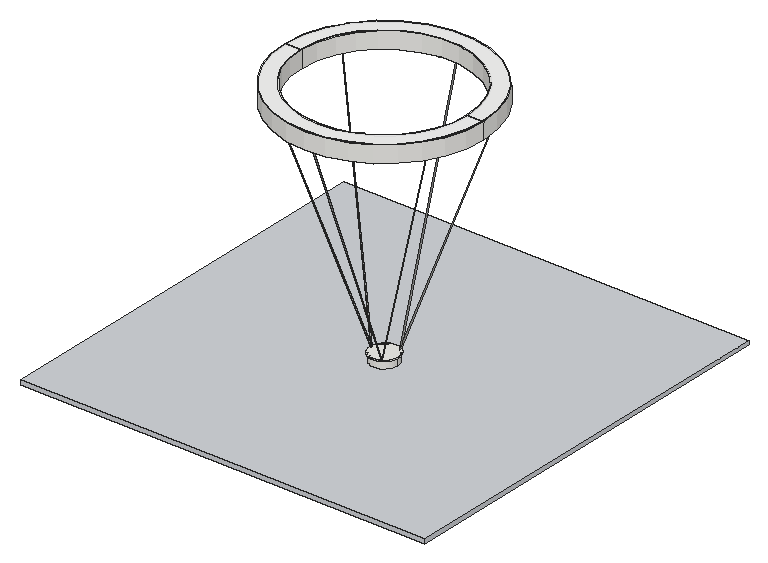
Revit family "STORA-LK_D1200", category Leuchten, Revit 2017
Family settings
  Basisbauteil = Fläche
  Bemaßung runder Anschluss = Durchmesser verwenden
  Teiletyp = Normal
  Beim Laden mit Abzugskörper schneiden = Nein
  Lichtquelle = Ja
  Gemeinsam genutzt = Nein
  Raumberechnungspunkt = Nein
Parameters (values of type "STORA-LK-LED D1200/840 OS-DA")
  Weight = "16.5 kg"
  Wattage = 41.739 W
  built-in parameter 1150110 = 1 (stored number, unit not read)
  Voltage = 230 V  # constant formula
  URL = ""
  built-in parameter 1114217 = 1 (stored number, unit not read)
  Tilt Angle = -90.00°
  built-in parameter 1150109 = 1 (stored number, unit not read)
  built-in parameter 1150134 = 12
  Suspension Height [instance] = 1500 mm
  Suspension = RIDI Metall silver 9006
  built-in parameter 1150113 = 1 (stored number, unit not read)
  Indirect = RIDI Metal White 9016
  Diameter = 1200 mm  # constant formula
  Datei für fotometrisches Netz = "STORA-LK-LED D1200_840 OS.IES"
  Number of Poles = 1
  Modell = "SPC0630053"
  Hersteller = "Spectral"  # constant formula
  built-in parameter 1150105 = 2227 (stored number, unit not read)
  Lumens = 6200 lm
  built-in parameter 1150115 = 1 (stored number, unit not read)
  built-in parameter 1150137 = (empty or 0)
  built-in parameter 1150139 = (empty or 0)
  built-in parameter 1150112 = 1 (stored number, unit not read)
  built-in parameter 1150114 = 1 (stored number, unit not read)
  Lampe = "1xLED-M"
  built-in parameter 1150132 = 2
  built-in parameter 1150102 = (empty or 0)
  built-in parameter 1150107 = 4000 (stored number, unit not read)
  built-in parameter 1150138 = (empty or 0)
  built-in parameter 1150106 = 22.27 (stored number, unit not read)
  IP Rating = "IP 20"  # constant formula
  IK Code = ""
  Height = 100 mm  # constant formula
  Energy Class = "A++ - A"  # constant formula
  Von Kreisdurchmesser aussenden = 1184 mm
  Emissionsform beim Rendern sichtbar = no
  built-in parameter 1150104 = 13.8 (stored number, unit not read)
  Farbtemperaturverschiebung bei Dämpfen der Lampe = <Keine Auswahl>
  Beschreibung = "Suspended lumnaire"  # constant formula
  Default Elevation = 0 mm
  Cover = RIDI Light Emitting Surface
  Copyright = "© RIDI. All rights reserved."  # constant formula
  Farbfilter = 16777215
  Certification = "CE"  # constant formula
  Body = RIDI Metal White 9016
  built-in parameter 1114218 = 1 (stored number, unit not read)
  built-in parameter 1150133 = 10 (stored number, unit not read)
  Apparent Load = 70 VA
Types (8, lengths in mm): name | Wattage | built-in parameter 1150134 | Indirect | Datei für fotometrisches Netz | Number of Poles | Modell | built-in parameter 1150105 | Lumens | built-in parameter 1150107 | built-in parameter 1150106 | Apparent Load
  STORA-LK-LED D1200/830 OS | 40.056 W | (empty or 0) | RIDI Metal White 9016 | "STORA-LK-LED D1200_840 OS.IES" | 1 | "SPC0620052" | 473.49 (stored number, unit not read) | 5950 lm | 3000 (stored number, unit not read) | 4.7349 (stored number, unit not read) | 70 VA
  STORA-LK-LED D1200/840 OS | 41.739 W | 12 | RIDI Metal White 9016 | "STORA-LK-LED D1200_840 OS.IES" | 1 | "SPC0620053" | 2227 (stored number, unit not read) | 6200 lm | 4000 (stored number, unit not read) | 22.27 (stored number, unit not read) | 70 VA
  STORA-LK-I-LED D1200/830 OS | 93.7109 W | (empty or 0) | RIDI Light Emitting Surface | "STORA-LK-I-LED D1200_840 OS.IES" | 2 | "SPC0620054" | 5000 (stored number, unit not read) | 13920 lm | 3000 (stored number, unit not read) | 50 (stored number, unit not read) | 127 VA
  STORA-LK-I-LED D1200/840 OS | 97.6155 W | 12 | RIDI Light Emitting Surface | "STORA-LK-I-LED D1200_840 OS.IES" | 2 | "SPC0620055" | 2948.2 (stored number, unit not read) | 14500 lm | 4000 (stored number, unit not read) | 29.482 (stored number, unit not read) | 127 VA
  STORA-LK-I-LED D1200/840 OS-DA | 97.6155 W | 12 | RIDI Light Emitting Surface | "STORA-LK-I-LED D1200_840 OS.IES" | 1 | "SPC0630055" | 2948.2 (stored number, unit not read) | 14500 lm | 4000 (stored number, unit not read) | 29.482 (stored number, unit not read) | 127 VA
  STORA-LK-I-LED D1200/830 OS-DA | 93.7109 W | (empty or 0) | RIDI Light Emitting Surface | "STORA-LK-I-LED D1200_840 OS.IES" | 1 | "SPC0630054" | 5000 (stored number, unit not read) | 13920 lm | 3000 (stored number, unit not read) | 50 (stored number, unit not read) | 127 VA
  STORA-LK-LED D1200/830 OS-DA | 40.056 W | (empty or 0) | RIDI Metal White 9016 | "STORA-LK-LED D1200_840 OS.IES" | 1 | "SPC0630052" | 473.49 (stored number, unit not read) | 5950 lm | 3000 (stored number, unit not read) | 4.7349 (stored number, unit not read) | 70 VA
  STORA-LK-LED D1200/840 OS-DA | 41.739 W | 12 | RIDI Metal White 9016 | "STORA-LK-LED D1200_840 OS.IES" | 1 | "SPC0630053" | 2227 (stored number, unit not read) | 6200 lm | 4000 (stored number, unit not read) | 22.27 (stored number, unit not read) | 70 VA
Reference planes
  plane 1 "Center (Front/Back)": y = 0
  plane 2 "Top": z = 0
  plane 3 "Center (Left/Right)": x = 0
  plane 4: z = 45
  plane 5 "Front": y = -950
  plane 6: z = -25
  plane 7 "Left": x = -600
  plane 8 "Right": x = 750
  plane 9 "Back": y = 750
  plane 10 "Bottom": z = 1500
  plane 11 "Top Body": z = 1400
  plane 12: z = 1495
  plane 13 "S1": y = 700
Forms (mm)
  Extrusion 1, solid
    sketch origin (0, 0, 0) x (1, 0, 0) y (0, 1, 0)
      loop
        line (-1219.2, 1219.2) -> (-1219.2, -1219.2) -> (1219.2, -1219.2) -> (1219.2, 1219.2) -> (-1219.2, 1219.2)
    from 0 to -25
  Extrusion 2, solid, material "RIDI Metal White 9016" <- "Body"
    sketch origin (0, 0, 0) x (1, 0, 0) y (0, 1, 0)
      loop
        circle (0, 0) r 80
    from 0 to 44
  Revolve 3, solid, material "RIDI Metal White 9016" <- "Body"
    sketch origin (0, 0, 0) x (1, 0, 0) y (0, 0, 1)
      loop
        line (-600, 1500) -> (-600, 1400) -> (-595, 1400) -> (-595, 1403) -> (-505, 1403) -> (-505, 1400) -> (-500, 1400) -> (-500, 1500) -> (-505, 1500) -> (-505, 1495) -> (-595, 1495) -> (-595, 1500) -> (-600, 1500)
      axis (0, 1500) -> (0, 1400)
    angle from 0 to 360
  Revolve 4, solid, material "RIDI Metal White 9016" <- "Indirect"
    sketch origin (0, 0, -95) x (1, 0, 0) y (0, 0, 1)
      loop
        line (-595, 1498) -> (-595, 1496) -> (-505, 1496) -> (-505, 1498) -> (-595, 1498)
      axis (0, 1498) -> (0, 1496)
    angle from 0 to 360
  Extrusion 5, solid, material "RIDI Metal White 9016" <- "Body"
    sketch origin (0, 0, 0) x (1, 0, 0) y (0, 1, 0)
      loop
        line (20, 505) -> (20, 595.305) -> (-20, 595.305) -> (-20, 505) -> (20, 505)
      loop
        line (20, -505) -> (-20, -505) -> (-20, -595.305) -> (20, -595.305) -> (20, -505)
      loop
        line (-427.078, 269.668) -> (-505.285, 314.821) -> (-525.285, 280.179) -> (-447.078, 235.027) -> (-427.078, 269.668)
      loop
        line (427.343, 269.821) -> (447.343, 235.179) -> (525.55, 280.332) -> (505.55, 314.973) -> (427.343, 269.821)
      loop
        line (-427.078, -269.668) -> (-447.078, -235.027) -> (-525.285, -280.179) -> (-505.285, -314.821) -> (-427.078, -269.668)
      loop
        line (427.343, -269.821) -> (505.55, -314.973) -> (525.55, -280.332) -> (447.343, -235.179) -> (427.343, -269.821)
    from 1400 to 1403
  Extrusion 6, solid, material "RIDI Metal White 9016"
    sketch origin (0, 0, 0) x (1, 0, 0) y (0, 1, 0)
      loop
        circle (0, 0) r 87.5
    from 44 to 45
  Blend 7, solid, material "RIDI Metall silver 9006" <- "Suspension"
    base sketch origin (0, 0, 0) x (-0.5, -0.866025, 0) y (0.866025, -0.5, 0)
      loop
        circle (-80, 0) r 2
    top sketch origin (0, 0, 0) x (-0.5, -0.866025, 0) y (0.866025, -0.5, 0)
      loop
        circle (-476.314, -275) r 2
    from 44 to 1400
  Blend 8, solid, material "RIDI Metall silver 9006" <- "Suspension"
    base sketch origin (0, 0, 0) x (-0.5, -0.866025, 0) y (0.866025, -0.5, 0)
      loop
        circle (-80, 0) r 2
    top sketch origin (0, 0, 0) x (-0.5, -0.866025, 0) y (0.866025, -0.5, 0)
      loop
        circle (-476.314, 275) r 2
    from 44 to 1400
  Blend 9, solid, material "RIDI Metall silver 9006" <- "Suspension"
    base sketch origin (0, 0, 0) x (-0.5, 0.866025, 0) y (-0.866025, -0.5, 0)
      loop
        circle (-80, 0) r 2
    top sketch origin (0, 0, 0) x (-0.5, 0.866025, 0) y (-0.866025, -0.5, 0)
      loop
        circle (-476.314, 275) r 2
    from 44 to 1400
  Blend 10, solid, material "RIDI Metall silver 9006" <- "Suspension"
    base sketch origin (0, 0, 0) x (-0.5, 0.866025, 0) y (-0.866025, -0.5, 0)
      loop
        circle (-80, 0) r 2
    top sketch origin (0, 0, 0) x (-0.5, 0.866025, 0) y (-0.866025, -0.5, 0)
      loop
        circle (-476.314, -275) r 2
    from 44 to 1400
  Blend 11, solid, material "RIDI Metall silver 9006" <- "Suspension"
    base sketch origin (0, 0, 0) x (1, 0, 0) y (0, 1, 0)
      loop
        circle (-80, 0) r 2
    top sketch origin (0, 0, 0) x (1, 0, 0) y (0, 1, 0)
      loop
        circle (-476.314, 275) r 2
    from 44 to 1400
  Blend 12, solid, material "RIDI Metall silver 9006" <- "Suspension"
    base sketch origin (0, 0, 0) x (1, 0, 0) y (0, 1, 0)
      loop
        circle (-80, 0) r 2
    top sketch origin (0, 0, 0) x (1, 0, 0) y (0, 1, 0)
      loop
        circle (-476.314, -275) r 2
    from 44 to 1400
  Revolve 13, solid, material "RIDI Light Emitting Surface" <- "Cover"
    sketch origin (0, 0, 0) x (1, 0, 0) y (0, 0, 1)
      loop
        line (-595, 1495) -> (-505, 1495) -> (-505, 1499) -> (-595, 1499) -> (-595, 1495)
      axis (0, 1499) -> (0, 1495)
    angle from 0 to 360
Lines and regions (mm)
  reference lines
    curve 1: circle (0, 0, 0) r 550 normal (0, 0, 1)
    curve 2: line (0, 0, 0) -> (-515.285, -297.5, 0)
    curve 3: line (0, 0, 0) -> (-515.285, 297.5, 0)
Dimensions and locks
  plane 4 to plane 2 "Top" = 45 mm
  "Suspension Height": plane 10 "Bottom" to plane 2 "Top"
  locked: connector elem to plane 1 "Center (Front/Back)" at 0
  plane 10 "Bottom" to plane 12 to plane 11 "Top Body" = 5 mm locked, 95 mm locked
  locked: Extrusion 5 to Revolve 3 at 3
  plane 3 "Center (Left/Right)" to plane 7 "Left" = 600 mm
  locked: Revolve 13 sketch curve to Revolve 3 at 4
  aligned and locked: plane 2 "Top" to Extrusion 1
  aligned and locked: level to Extrusion 1
  aligned and locked: plane 10 "Bottom" to imposter light
  aligned and locked: Extrusion 2 to plane 2 "Top"
  aligned and locked: Revolve 3 sketch curve to imposter light
  aligned and locked: Revolve 3 sketch curve to plane 12
  aligned and locked: Revolve 3 sketch curve to plane 11 "Top Body"
  aligned and locked: Extrusion 5 to plane 11 "Top Body"
  aligned and locked: Extrusion 5 to Revolve 3
  aligned and locked: Revolve 3 to Extrusion 5
  aligned and locked: Blend 8 to Extrusion 2
  aligned and locked: Blend 7 to Extrusion 2
  aligned and locked: plane 11 "Top Body" to Blend 7
  aligned and locked: plane 11 "Top Body" to Blend 8
  aligned and locked: plane 11 "Top Body" to Blend 12
  aligned and locked: plane 11 "Top Body" to Blend 11
  aligned and locked: plane 11 "Top Body" to Blend 10
  aligned and locked: plane 11 "Top Body" to Blend 9
Automatic sketch dimensions
  Extrusion 1 sketch curve to Extrusion 1 sketch curve = 2438.4 mm  (x2)
  plane 1 "Center (Front/Back)" to Extrusion 2 sketch curve = 0 mm
  Extrusion 2 sketch curve to plane 3 "Center (Left/Right)" = 0 mm
  Revolve 3 sketch curve to plane 7 "Left" = 0 mm
  Revolve 3 sketch curve to plane 11 "Top Body" = 0 mm
  Revolve 3 sketch curve to plane 10 "Bottom" = 0 mm
  Revolve 3 sketch curve to plane 3 "Center (Left/Right)" = 0 mm
  plane 7 "Left" to Revolve 3 sketch curve = 5 mm  (x2)
  Revolve 3 sketch curve to Revolve 3 sketch curve = 90 mm  (x2)
  Revolve 3 sketch curve to Revolve 3 sketch curve = 5 mm
  Revolve 3 sketch curve to Revolve 3 sketch curve = 3 mm
  plane 12 to Revolve 3 sketch curve = 30 mm
  plane 12 to Revolve 3 sketch curve = 15 mm
  plane 1 "Center (Front/Back)" to curve 3 = 0 mm
  curve 3 to plane 3 "Center (Left/Right)" = 0 mm
  plane 1 "Center (Front/Back)" to curve 1 = 0 mm
  curve 1 to plane 3 "Center (Left/Right)" = 0 mm
  plane 7 "Left" to curve 3 = 84.715 mm
  plane 7 "Left" to curve 2 = 84.715 mm
  plane 1 "Center (Front/Back)" to curve 2 = 297.5 mm
  curve 3 to plane 1 "Center (Front/Back)" = 297.5 mm
  Revolve 4 sketch curve to plane 3 "Center (Left/Right)" = 0 mm
  plane 11 "Top Body" to Revolve 4 sketch curve = 1 mm
  plane 7 "Left" to Revolve 4 sketch curve = 95 mm
  plane 7 "Left" to Revolve 4 sketch curve = 5 mm
  Revolve 4 sketch curve to Revolve 4 sketch curve = 2 mm
  Revolve 4 sketch curve to plane 11 "Top Body" = 241 mm
  Revolve 4 sketch curve to Revolve 4 sketch curve = 35 mm
  plane 7 "Left" to Extrusion 5 sketch curve = 74.715 mm  (x2)
  Extrusion 5 sketch curve to Extrusion 5 sketch curve = 20 mm  (x4)
  Extrusion 5 sketch curve to Extrusion 5 sketch curve = 78.207 mm  (x4)
  Extrusion 5 sketch curve to plane 3 "Center (Left/Right)" = 20 mm  (x2)
  plane 3 "Center (Left/Right)" to Extrusion 5 sketch curve = 20 mm  (x2)
  plane 8 "Right" to Extrusion 5 sketch curve = 322.657 mm  (x2)
  Extrusion 5 sketch curve to plane 1 "Center (Front/Back)" = 235.179 mm
  plane 1 "Center (Front/Back)" to Extrusion 5 sketch curve = 235.179 mm
  plane 1 "Center (Front/Back)" to Extrusion 5 sketch curve = 269.668 mm
  Extrusion 5 sketch curve to Extrusion 5 sketch curve = 34.641 mm  (x3)
  Extrusion 5 sketch curve to Extrusion 5 sketch curve = 10.512 mm
  Extrusion 5 sketch curve to plane 5 "Front" = 445 mm
  Extrusion 5 sketch curve to Extrusion 5 sketch curve = 90.305 mm  (x2)
  Extrusion 5 sketch curve to plane 1 "Center (Front/Back)" = 235.027 mm
  Extrusion 5 sketch curve to plane 13 "S1" = 195 mm
  plane 1 "Center (Front/Back)" to Extrusion 6 sketch curve = 0 mm
  Extrusion 6 sketch curve to plane 3 "Center (Left/Right)" = 0 mm
  plane 3 "Center (Left/Right)" to Blend 7 sketch curve = 40 mm
  Blend 7 sketch curve to plane 1 "Center (Front/Back)" = 69.282 mm
  Blend 7 sketch curve to plane 3 "Center (Left/Right)" = 0 mm
  Blend 7 sketch curve to plane 13 "S1" = 150 mm
  plane 3 "Center (Left/Right)" to Blend 8 sketch curve = 40 mm
  Blend 8 sketch curve to plane 1 "Center (Front/Back)" = 69.282 mm
  plane 8 "Right" to Blend 8 sketch curve = 273.686 mm
  Blend 8 sketch curve to plane 1 "Center (Front/Back)" = 275 mm
  Blend 9 sketch curve to plane 3 "Center (Left/Right)" = 40 mm
  Blend 9 sketch curve to plane 1 "Center (Front/Back)" = 69.282 mm
  Blend 9 sketch curve to plane 3 "Center (Left/Right)" = 0 mm
  plane 5 "Front" to Blend 9 sketch curve = 400 mm
  Blend 10 sketch curve to plane 3 "Center (Left/Right)" = 40 mm
  Blend 10 sketch curve to plane 1 "Center (Front/Back)" = 69.282 mm
  Blend 10 sketch curve to plane 8 "Right" = 273.686 mm
  Blend 10 sketch curve to plane 1 "Center (Front/Back)" = 275 mm
  plane 1 "Center (Front/Back)" to Blend 11 sketch curve = 0 mm
  plane 3 "Center (Left/Right)" to Blend 11 sketch curve = 80 mm
  Blend 11 sketch curve to plane 7 "Left" = 123.686 mm
  plane 1 "Center (Front/Back)" to Blend 11 sketch curve = 275 mm
  plane 1 "Center (Front/Back)" to Blend 12 sketch curve = 0 mm
  plane 3 "Center (Left/Right)" to Blend 12 sketch curve = 80 mm
  Blend 12 sketch curve to plane 7 "Left" = 123.686 mm
  Blend 12 sketch curve to plane 1 "Center (Front/Back)" = 275 mm
  Revolve 13 sketch curve to plane 12 = 0 mm
  plane 7 "Left" to Revolve 13 sketch curve = 5 mm
  Revolve 13 sketch curve to Revolve 13 sketch curve = 90 mm
  radius of Extrusion 2 sketch curve = 80 mm
  radius of curve 1 = 550 mm
  radius of Extrusion 6 sketch curve = 87.5 mm
  radius of Blend 7 sketch curve = 2 mm  (x2)
  radius of Blend 8 sketch curve = 2 mm  (x2)
  radius of Blend 9 sketch curve = 2 mm  (x2)
  radius of Blend 10 sketch curve = 2 mm  (x2)
  radius of Blend 11 sketch curve = 2 mm  (x2)
  radius of Blend 12 sketch curve = 2 mm  (x2)
Connectors
  electrical at (0, 0, 0), driven by "Voltage", driven by "Apparent Load", driven by "Apparent Load", driven by "Number of Poles"
    settings: on Extrusion 2, index 1, voltage 230 V, apparent load 70 VA, apparent load phase1 70 VA, apparent load phase2 0 VA, apparent load phase3 0 VA, power factor 1, load classification "Lighting", number of poles 1, system type 30, power factor state 1, is connector primary yes, connector utility no, sub classification motor no, connector description "Power"
